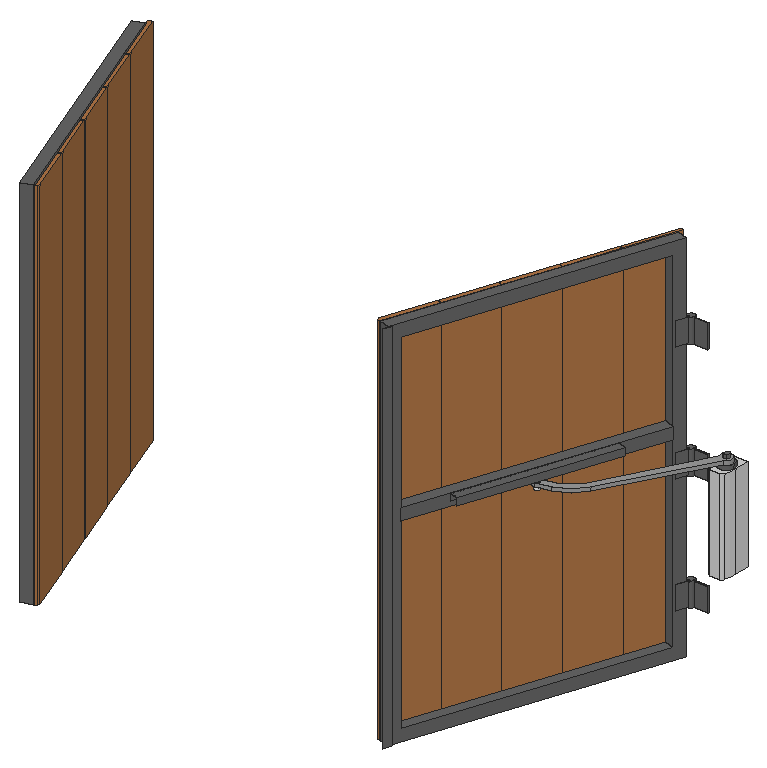
Revit family "2014-ES_Puerta-Batiente-Automatica-2-Hojas_AEPA_XXx", category Puertas, Revit 2014
Parameters
  a_brazo [instance] = 645.868 mm  # constant formula
  b [instance] = 209.492 mm  # constant formula
  Uniclass 2.0 Descripción = "Automatic gate opening devices"  # constant formula
  Uniclass 2.0 Código = "75-30-26-05"  # constant formula
  URL = "http://www.aepa.ws/web/index.php"
  UNSPSC Código = "30171510"  # constant formula
  UNSPSC Categoría = "Automatic doors"  # constant formula
  Omniclass Título = "Rotation, Pivoting Door Gear"  # constant formula
  Omniclass Código = "23-17 19 11 11"  # constant formula
  Modelo = "Generico AEPA"  # constant formula
  Material Piezas moviles = Gomas blancas - Puerta Generica- AEPA
  Material cubierta Mecanismo = Plastico Solido- Puerta Generica- AEPA
  Material Lamas de acabado = Panel Madera Roble acabado - Puerta Generica AEPA
  Material Estructura y Bisagras = Acero - Puerta Generica - AEPA
  Material Brazos = Acero sin pintar - Puerta Generaica AEPA
  Masterformat Descripción = "Automatic Door Operators"  # constant formula
  Masterformat Código = "08 71 13"  # constant formula
  Lama ACABADO = Anchura bisagra a centro / 5  # 235.000 mm
  IFC Clasificación = ""
  Grosor = 70.000 mm
  Gamma [instance] = 180.000° - Alpha - Beta  # 68.408°
  Función = Interior
  Fecha de Caducidad de Información = "01/01/2016"  # constant formula
  Fecha Revisión de Contenido = "29/12/2014"  # constant formula
  Fabricante - ROLLTORE PORTIS = "http://www.portis.es/"
  Fabricante - PUERTAS BAHÍA = "http://www.puertasbahia.com/"
  Fabricante - CONTROLSA = "http://www.controlsa.com"
  Desfase interior [instance] = 150.000 mm
  Desfase exterior = 0.000 mm
  Descripción = "Puerta Bateinte Automatica"  # constant formula
  Delta [instance] = 17.313°  # constant formula
  Creado por = "Bimetica Parametric Design Services S.L."  # constant formula
  Colección = "Biblioteca BIM AEPA"  # constant formula
  COBie Categoría = ""
  Bimetica = "http://www.bimetica.com"
  Beta [instance] = asin((sin(Alpha) * b) / a_brazo)  # 18.905°
  Asociación - AEPA = "http://www.aepa.ws/web/index.php"
  Angulo APERTURA [instance] = 70.000°
  Angulo APERTURA CONTROL [instance] = if(Angulo APERTURA > 135.000°, 135.000°, if(Angulo APERTURA < 0.000°, 0.000°, Angulo APERTURA))  # 70.000°
  Anchura bisagra a centro = (Anchura CONTROL / 2) - 25.000 mm  # 1175.000 mm
  Anchura CONTROL = if(Anchura > 6000.000 mm, 6000.000 mm, if(Anchura < 2400.000 mm, 2400.000 mm, Anchura))  # 2400.000 mm
  Altura CONTROL = if(Altura > 2200.000 mm, 2200.000 mm, if(Altura < 1500.000 mm, 1500.000 mm, Altura))  # 1600.000 mm
  Altura = 1600.000 mm
  Cierre de muro = Por anfitrión
  Anchura = 2400.000 mm
  Alpha [instance] = 180.000° - Angulo APERTURA CONTROL - Delta  # 92.687°
Reference planes
  plane 1: y = 0
  plane 2 "Centro (Izquierda/Derecha)": x = 0
  plane 3 "Izquierda": x = -1200
  plane 4 "Derecha": x = 1200
  plane 5: z = 1600
  plane 6 "Exterior": y = 75
  plane 7 "Interior": y = -75
  plane 8 "Eje bisagra izquierda": x = -1180
  plane 9 "Eje bisagra derecha": x = 1180
  plane 10: x = -1380
  plane 11: y = -137.344
  plane 12: x = 1380
  plane 13 "Plano brazos abatibles": z = 845
  plane 14: y = -70
Forms (mm)
  Sweep 1, solid, material "Acero - Puerta Generica - AEPA" <- "Material Estructura y Bisagras", detail levels medium+fine
    path origin (-1180, -75, 0) x (0.34202, -0.939693, 0) y (0, 0, 1)
      loop
        line (20, 10) -> (1175, 10) -> (1175, 1600) -> (20, 1600) -> (20, 10)
    profile origin (-975.643, -636.466, 10) x (0, 0, 1) y (-0.939693, -0.34202, 0)
      loop
        line (0, 0) -> (0, -50) -> (50, -50) -> (50, 0) -> (0, 0)
  Extrusion 2, solid, material "Acero - Puerta Generica - AEPA" <- "Material Estructura y Bisagras", detail levels medium+fine
    sketch origin (-1180, -75, 0) x (0.34202, -0.939693, 0) y (0, 0, 1)
      loop
        line (70, 900) -> (70, 850) -> (1125, 850) -> (1125, 900) -> (70, 900)
    from -50 to 0
  Sweep 3, solid, material "Acero - Puerta Generica - AEPA" <- "Material Estructura y Bisagras", detail levels medium+fine
    path origin (1180, -75, 0) x (-0.34202, -0.939693, 0) y (0, 0, 1)
      loop
        line (1175, 1600) -> (20, 1600) -> (20, 10) -> (1175, 10) -> (1175, 1600)
    profile origin (975.643, -636.466, 1600) x (0, 0, -1) y (-0.939693, 0.34202, 0)
      loop
        line (50, 50) -> (0, 50) -> (0, 0) -> (50, 0) -> (50, 50)
  Extrusion 4, solid, material "Acero - Puerta Generica - AEPA" <- "Material Estructura y Bisagras", detail levels medium+fine
    sketch origin (1180, -75, 0) x (-0.34202, -0.939693, 0) y (0, 0, 1)
      loop
        line (1125, 850) -> (1125, 900) -> (70, 900) -> (70, 850) -> (1125, 850)
    from 0 to 50
  Extrusion 5, solid, material "Plastico Solido- Puerta Generica- AEPA" <- "Material cubierta Mecanismo", detail levels medium+fine
    sketch origin (271.46, 132.745, 0) x (1, 0, 0) y (0, 1, 0)
      loop
        line (-1671.512, -330.688) -> (-1631.409, -330.688)
        arc (-1631.409, -330.688) -> (-1623.301, -325.861) -> (-1618.487, -317.745) r 19.125
        arc (-1618.487, -317.745) -> (-1613.308, -294.163) -> (-1611.46, -270.089) r 173.063
        line (-1611.46, -270.089) -> (-1611.46, -207.745) -> (-1691.46, -207.745) -> (-1691.46, -270.089)
        arc (-1691.46, -270.089) -> (-1689.613, -294.163) -> (-1684.433, -317.745) r 173.063
        arc (-1684.433, -317.745) -> (-1679.62, -325.861) -> (-1671.512, -330.688) r 19.125
    from 430 to 830
  Extrusion 6, solid, material "Plastico Solido- Puerta Generica- AEPA" <- "Material cubierta Mecanismo", detail levels medium+fine
    sketch origin (-271.46, 132.745, 0) x (-1, 0, 0) y (0, -1, 0)
      loop
        arc (-1671.512, 330.688) -> (-1679.62, 325.861) -> (-1684.433, 317.745) r 19.125
        arc (-1684.433, 317.745) -> (-1689.613, 294.163) -> (-1691.46, 270.089) r 173.063
        line (-1691.46, 270.089) -> (-1691.46, 207.745) -> (-1611.46, 207.745) -> (-1611.46, 270.089)
        arc (-1611.46, 270.089) -> (-1613.308, 294.163) -> (-1618.487, 317.745) r 173.063
        arc (-1618.487, 317.745) -> (-1623.301, 325.861) -> (-1631.409, 330.688) r 19.125
        line (-1631.409, 330.688) -> (-1671.512, 330.688)
    from 430 to 830
  Extrusion 7, solid, material "Acero - Puerta Generica - AEPA" <- "Material Estructura y Bisagras", detail levels medium+fine
    sketch origin (1180, -75, 0) x (0, 0, 1) y (0.939693, -0.34202, 0)
      loop
        line (900, 0) -> (900, 40) -> (870, 40) -> (870, 37) -> (897, 37) -> (897, 3) -> (870, 3) -> (870, 0) -> (900, 0)
    from -930 to -280
  Extrusion 8, solid, material "Acero - Puerta Generica - AEPA" <- "Material Estructura y Bisagras", detail levels medium+fine
    sketch origin (-1180, -75, 0) x (0, 0, 1) y (0.939693, 0.34202, 0)
      loop
        line (900, 0) -> (870, 0) -> (870, -3) -> (897, -3) -> (897, -37) -> (870, -37) -> (870, -40) -> (900, -40) -> (900, 0)
    from -930 to -280
  Extrusion 9, solid, material "Acero sin pintar - Puerta Generaica AEPA" <- "Material Brazos", detail levels medium+fine
    sketch origin (-1380, -137.343, 845) x (0.628032, -0.778188, 0) y (0.778188, 0.628032, 0)
      loop
        arc (21.677, 12.455) -> (-24.627, 4.303) -> (16.169, -19.068) r 25
        line (16.169, -19.068) -> (481.038, -100.294)
        arc (481.038, -100.294) -> (546.332, -96.239) -> (606.643, -70.893) r 195.718
        line (606.643, -70.893) -> (656.578, -31.754)
        arc (656.578, -31.754) -> (657.801, -9.572) -> (635.692, -7.389) r 16.061
        line (635.692, -7.389) -> (587.963, -44.837)
        arc (587.963, -44.837) -> (538.661, -65.169) -> (485.441, -68.579) r 163.718
        line (485.441, -68.579) -> (21.677, 12.455)
      loop
        circle (645.564, -19.98) r 5
      loop
        circle (0, 0) r 8
    from 0 to 15
  Extrusion 10, solid, material "Gomas blancas - Puerta Generica- AEPA" <- "Material Piezas moviles", detail levels medium+fine
    sketch origin (-1380, -137.343, 845) x (0.628032, -0.778188, 0) y (0.778188, 0.628032, 0)
      loop
        circle (645.564, -19.98) r 10
    from -15 to 40
  Extrusion 11, solid, material "Acero sin pintar - Puerta Generaica AEPA" <- "Material Brazos", detail levels medium+fine
    sketch origin (1380, -137.345, 845) x (-0.628039, -0.778182, 0) y (0.778182, -0.628039, 0)
      loop
        line (21.677, -12.455) -> (485.441, 68.579)
        arc (485.441, 68.579) -> (538.661, 65.169) -> (587.963, 44.837) r 163.718
        line (587.963, 44.837) -> (635.692, 7.389)
        arc (635.692, 7.389) -> (657.801, 9.572) -> (656.578, 31.754) r 16.061
        line (656.578, 31.754) -> (606.643, 70.893)
        arc (606.643, 70.893) -> (546.332, 96.239) -> (481.038, 100.294) r 195.718
        line (481.038, 100.294) -> (16.169, 19.068)
        arc (16.169, 19.068) -> (-24.627, -4.303) -> (21.677, -12.455) r 25
      loop
        circle (645.564, 19.98) r 5
      loop
        circle (0, 0) r 8
    from 0 to 15
  Extrusion 12, solid, material "Gomas blancas - Puerta Generica- AEPA" <- "Material Piezas moviles", detail levels medium+fine
    sketch origin (1380, -137.345, 845) x (-0.628039, -0.778182, 0) y (0.778182, -0.628039, 0)
      loop
        circle (645.564, 19.98) r 10
    from -15 to 40
  Extrusion 13, solid, material "Acero - Puerta Generica - AEPA" <- "Material Estructura y Bisagras", detail levels medium+fine
    sketch origin (0, 0, 0) x (1, 0, 0) y (0, 1, 0)
      loop
        circle (-1380, -137.344) r 33
    from 830 to 845
  Extrusion 14, solid, material "Acero - Puerta Generica - AEPA" <- "Material Estructura y Bisagras", detail levels medium+fine
    sketch origin (0, 0, 0) x (1, 0, 0) y (0, 1, 0)
      loop
        circle (1380, -137.344) r 33
    from 830 to 845
  Extrusion 15, solid, material "Acero - Puerta Generica - AEPA" <- "Material Estructura y Bisagras", detail levels medium+fine
    sketch origin (-1380, -137.343, 845) x (0.628032, -0.778188, 0) y (0.778188, 0.628032, 0)
      loop
        line (9.12, -7.8) -> (11.314, 3.998) -> (2.195, 11.798) -> (-9.12, 7.8) -> (-11.314, -3.998) -> (-2.195, -11.798) -> (9.12, -7.8)
    from 15 to 30
  Extrusion 16, solid, material "Acero - Puerta Generica - AEPA" <- "Material Estructura y Bisagras", detail levels medium+fine
    sketch origin (1380, -137.345, 845) x (-0.628039, -0.778182, 0) y (0.778182, -0.628039, 0)
      loop
        line (-9.265, 7.627) -> (-11.237, -4.21) -> (-1.972, -11.837) -> (9.265, -7.627) -> (11.237, 4.21) -> (1.972, 11.837) -> (-9.265, 7.627)
    from 15 to 30
  Extrusion 17, solid, material "Acero - Puerta Generica - AEPA" <- "Material Estructura y Bisagras", detail levels medium+fine
    sketch origin (0, -75, 0) x (1, 0, 0) y (0, 0, 1)
      loop
        line (-1190, 200) -> (-1190, 300) -> (-1255, 300) -> (-1255, 200) -> (-1190, 200)
      loop
        line (-1190, 700) -> (-1190, 800) -> (-1255, 800) -> (-1255, 700) -> (-1190, 700)
      loop
        line (-1190, 1200) -> (-1190, 1300) -> (-1255, 1300) -> (-1255, 1200) -> (-1190, 1200)
      loop
        line (1190, 200) -> (1255, 200) -> (1255, 300) -> (1190, 300) -> (1190, 200)
      loop
        line (1190, 700) -> (1255, 700) -> (1255, 800) -> (1190, 800) -> (1190, 700)
      loop
        line (1190, 1200) -> (1255, 1200) -> (1255, 1300) -> (1190, 1300) -> (1190, 1200)
    from 0 to 5
  Extrusion 18, solid, material "Acero - Puerta Generica - AEPA" <- "Material Estructura y Bisagras", detail levels medium+fine
    sketch origin (-1180, -75, 0) x (0.34202, -0.939693, 0) y (0, 0, 1)
      loop
        line (60, 300) -> (10, 300) -> (10, 200) -> (60, 200) -> (60, 300)
      loop
        line (60, 800) -> (10, 800) -> (10, 700) -> (60, 700) -> (60, 800)
      loop
        line (60, 1300) -> (10, 1300) -> (10, 1200) -> (60, 1200) -> (60, 1300)
    from 0 to 5
  Extrusion 19, solid, material "Acero - Puerta Generica - AEPA" <- "Material Estructura y Bisagras", detail levels medium+fine
    sketch origin (1180, -75, 0) x (-0.34202, -0.939693, 0) y (0, 0, 1)
      loop
        line (60, 200) -> (60, 300) -> (10, 300) -> (10, 200) -> (60, 200)
      loop
        line (60, 700) -> (60, 800) -> (10, 800) -> (10, 700) -> (60, 700)
      loop
        line (60, 1200) -> (60, 1300) -> (10, 1300) -> (10, 1200) -> (60, 1200)
    from 0 to -5
  Extrusion 20, solid, material "Acero - Puerta Generica - AEPA" <- "Material Estructura y Bisagras", detail levels medium+fine
    sketch origin (1180, -75, 0) x (-0.34202, -0.939693, 0) y (0, 0, 1)
      loop
        line (1160, 1600) -> (1160, 10) -> (1195, 10) -> (1195, 1600) -> (1160, 1600)
    from 0 to -5
  Extrusion 21, solid, material "Acero - Puerta Generica - AEPA" <- "Material Estructura y Bisagras", detail levels medium+fine
    sketch origin (0, 0, 0) x (1, 0, 0) y (0, 1, 0)
      loop
        circle (-1180, -75) r 15
      loop
        circle (1180, -75) r 15
    from 200 to 300
  Extrusion 22, solid, material "Acero - Puerta Generica - AEPA" <- "Material Estructura y Bisagras", detail levels medium+fine
    sketch origin (0, 0, 0) x (1, 0, 0) y (0, 1, 0)
      loop
        circle (1180, -75) r 15
      loop
        circle (-1180, -75) r 15
    from 700 to 800
  Extrusion 23, solid, material "Acero - Puerta Generica - AEPA" <- "Material Estructura y Bisagras", detail levels medium+fine
    sketch origin (0, 0, 0) x (1, 0, 0) y (0, 1, 0)
      loop
        circle (1180, -75) r 15
      loop
        circle (-1180, -75) r 15
    from 1200 to 1300
  Extrusion 24, solid, material "Panel Madera Roble acabado - Puerta Generica AEPA" <- "Material Lamas de acabado", detail levels fine
    sketch origin (-1180, -75, 0) x (0.34202, -0.939693, 0) y (0.939693, 0.34202, 0)
      loop
        line (0, 50) -> (235, 50) -> (235, 60.657) -> (227.929, 67.728) -> (7.071, 67.728) -> (0, 60.657) -> (0, 50)
    from 10 to 1600 <- "Altura CONTROL"
  Extrusion 25, solid, material "Panel Madera Roble acabado - Puerta Generica AEPA" <- "Material Lamas de acabado", detail levels fine
    sketch origin (-1180, -75, 0) x (0.34202, -0.939693, 0) y (0.939693, 0.34202, 0)
      loop
        line (235, 50) -> (470, 50) -> (470, 60.657) -> (462.929, 67.728) -> (242.071, 67.728) -> (235, 60.657) -> (235, 50)
    from 10 to 1600 <- "Altura CONTROL"
  Extrusion 26, solid, material "Panel Madera Roble acabado - Puerta Generica AEPA" <- "Material Lamas de acabado", detail levels fine
    sketch origin (-1180, -75, 0) x (0.34202, -0.939693, 0) y (0.939693, 0.34202, 0)
      loop
        line (470, 50) -> (705, 50) -> (705, 60.657) -> (697.929, 67.728) -> (477.071, 67.728) -> (470, 60.657) -> (470, 50)
    from 10 to 1600 <- "Altura CONTROL"
  Extrusion 27, solid, material "Panel Madera Roble acabado - Puerta Generica AEPA" <- "Material Lamas de acabado", detail levels fine
    sketch origin (-1180, -75, 0) x (0.34202, -0.939693, 0) y (0.939693, 0.34202, 0)
      loop
        line (940, 50) -> (1175, 50) -> (1175, 60.657) -> (1167.929, 67.728) -> (947.071, 67.728) -> (940, 60.657) -> (940, 50)
    from 10 to 1600 <- "Altura CONTROL"
  Extrusion 28, solid, material "Panel Madera Roble acabado - Puerta Generica AEPA" <- "Material Lamas de acabado", detail levels fine
    sketch origin (-1180, -75, 0) x (0.34202, -0.939693, 0) y (0.939693, 0.34202, 0)
      loop
        line (705, 50) -> (940, 50) -> (940, 60.657) -> (932.929, 67.728) -> (712.071, 67.728) -> (705, 60.657) -> (705, 50)
    from 10 to 1600 <- "Altura CONTROL"
  Extrusion 29, solid, material "Panel Madera Roble acabado - Puerta Generica AEPA" <- "Material Lamas de acabado", detail levels fine
    sketch origin (1335.619, 352.56, 0) x (-0.34202, -0.939693, 0) y (0.939693, -0.34202, 0)
      loop
        line (1630, -50) -> (1395, -50) -> (1395, -60.657) -> (1402.071, -67.728) -> (1622.929, -67.728) -> (1630, -60.657) -> (1630, -50)
    from 10 to 1600 <- "Altura CONTROL"
  Extrusion 30, solid, material "Panel Madera Roble acabado - Puerta Generica AEPA" <- "Material Lamas de acabado", detail levels fine
    sketch origin (1180, -75, 0) x (-0.34202, -0.939693, 0) y (0.939693, -0.34202, 0)
      loop
        line (940, -50) -> (705, -50) -> (705, -60.657) -> (712.071, -67.728) -> (932.929, -67.728) -> (940, -60.657) -> (940, -50)
    from 10 to 1600 <- "Altura CONTROL"
  Extrusion 31, solid, material "Panel Madera Roble acabado - Puerta Generica AEPA" <- "Material Lamas de acabado", detail levels fine
    sketch origin (1180, -75, 0) x (-0.34202, -0.939693, 0) y (0.939693, -0.34202, 0)
      loop
        line (705, -50) -> (470, -50) -> (470, -60.657) -> (477.071, -67.728) -> (697.929, -67.728) -> (705, -60.657) -> (705, -50)
    from 10 to 1600 <- "Altura CONTROL"
  Extrusion 32, solid, material "Panel Madera Roble acabado - Puerta Generica AEPA" <- "Material Lamas de acabado", detail levels fine
    sketch origin (1180, -75, 0) x (-0.34202, -0.939693, 0) y (0.939693, -0.34202, 0)
      loop
        line (470, -50) -> (235, -50) -> (235, -60.657) -> (242.071, -67.728) -> (462.929, -67.728) -> (470, -60.657) -> (470, -50)
    from 10 to 1600 <- "Altura CONTROL"
  Extrusion 33, solid, material "Panel Madera Roble acabado - Puerta Generica AEPA" <- "Material Lamas de acabado", detail levels fine
    sketch origin (1180, -75, 0) x (-0.34202, -0.939693, 0) y (0.939693, -0.34202, 0)
      loop
        line (235, -50) -> (0, -50) -> (0, -60.657) -> (7.071, -67.728) -> (227.929, -67.728) -> (235, -60.657) -> (235, -50)
    from 10 to 1600 <- "Altura CONTROL"
  Extrusion 34, solid, material "Panel Madera Roble acabado - Puerta Generica AEPA" <- "Material Lamas de acabado", detail levels coarse+medium
    sketch origin (-1180, -75, 0) x (0.34202, -0.939693, 0) y (0.939693, 0.34202, 0)
      loop
        line (0, 50) -> (1175, 50) -> (1175, 67.841) -> (0, 67.841) -> (0, 50)
    from 0 to 1600 <- "Altura CONTROL"
  Extrusion 35, solid, material "Panel Madera Roble acabado - Puerta Generica AEPA" <- "Material Lamas de acabado", detail levels coarse+medium
    sketch origin (1180, -75, 0) x (-0.34202, -0.939693, 0) y (0.939693, -0.34202, 0)
      loop
        line (1175, -50) -> (0, -50) -> (0, -67.728) -> (1175, -67.728) -> (1175, -50)
    from 0 to 1600 <- "Altura CONTROL"
Lines and regions (mm)
  Opening 1
    outline origin (-5000, -75, 0) x (1, 0, 0) y (0, 0, 1)
      loop
        line (3800, 0) -> (6200, 0) -> (6200, 1600) -> (3800, 1600) -> (3800, 0)
  reference lines
    curve 1: line (-1180, -75, 0) -> (-778.126, -1179.139, 0)
    curve 2: line (1180, -75, 0) -> (778.126, -1179.139, 0)
    curve 3: line (-1380, -137.343, 845) -> (-974.375, -639.95, 845)
    curve 4: line (-1380, -137.343, 845) -> (-1179.999, -75, 845)
    curve 5: line (1380, -137.345, 845) -> (974.37, -639.948, 845)
    curve 6: line (1380, -137.345, 845) -> (1180, -75, 845)
  symbolic lines, style "DoorsHiddenLines"
    curve 7: line (-1173.16, -93.794, 0) -> (-1109.652, -70.679, 0)
    curve 8: line (-1109.652, -70.679, 0) -> (-716.187, -1151.714, 0)
    curve 9: line (-716.187, -1151.714, 0) -> (-779.695, -1174.829, 0)
    curve 10: line (-779.695, -1174.829, 0) -> (-1173.16, -93.794, 0)
    curve 11: line (1173.16, -93.794, 0) -> (1109.503, -70.625, 0)
    curve 12: line (1109.503, -70.625, 0) -> (714.476, -1155.952, 0)
    curve 13: line (714.476, -1155.952, 0) -> (778.133, -1179.121, 0)
    curve 14: line (778.133, -1179.121, 0) -> (1173.16, -93.794, 0)
    curve 15: arc (777.464, -1180.958, 0) -> (214.503, -748.003, 0) -> (3.11, -70, 0) r 1176.954
    curve 16: arc (-777.412, -1180.958, 0) -> (-214.45, -748.003, 0) -> (-3.057, -70, 0) r 1176.954
Text (mm)
  text "Exterior" at (-2295.016, 1771.601, 0), in view "Nivel de referencia"
  text "Exterior" at (0, 1615.38, 3698.081), in view "Izquierda"
  text "Exterior" at (0, 1036.032, 3874.932), in view "Derecha"
Dimensions and locks
  equal spacing: plane 3 "Izquierda", plane 2 "Centro (Izquierda/Derecha)", plane 4 "Derecha"
  "Anchura CONTROL": plane 3 "Izquierda" to plane 4 "Derecha"
  "Altura CONTROL": plane 5 to host wall
  host wall to plane 5 = 1600.000 mm  (x2)
  host wall to plane 6 "Exterior" = 0.000 mm
  host wall to plane 7 "Interior" = 0.000 mm
  locked: plane 3 "Izquierda" to plane 8 "Eje bisagra izquierda" at 20
  locked: plane 9 "Eje bisagra derecha" to plane 4 "Derecha" at 20
  locked: Sweep 1 sketch curve to curve 1 at 10
  locked: curve 1 to Sweep 1 sketch curve at 20
  locked: Extrusion 2 sketch curve to curve 1 at 70
  Extrusion 2 sketch curve to Extrusion 2 sketch curve to curve 1 = 50.000 mm locked, 850.000 mm locked
  "Anchura bisagra a centro": curve 1 to curve 1
  locked: Sweep 3 sketch curve to curve 2 at 20
  locked: Sweep 3 sketch curve to curve 2 at 10
  locked: Sweep 3 sketch curve to Sweep 3 sketch curve at 50  (x2)
  locked: curve 2 to Extrusion 4 sketch curve at 70
  locked: curve 2 to Extrusion 4 sketch curve at 50
  Extrusion 4 sketch curve to Extrusion 4 sketch curve to curve 2 = 50.000 mm locked, 850.000 mm locked
  Extrusion 5 sketch curve to Extrusion 5 sketch curve to Extrusion 5 sketch curve to Extrusion 5 sketch curve to Extrusion 5 sketch curve to Extrusion 5 sketch curve to Extrusion 5 sketch curve to plane 3 "Izquierda" = 0.000 mm locked, 7.027 mm locked, 12.922 mm locked, 40.103 mm locked, 12.922 mm locked, 7.027 mm locked, 140.000 mm locked
  Extrusion 5 sketch curve to Extrusion 5 sketch curve to Extrusion 5 sketch curve to plane 7 "Interior" = 12.943 mm locked, 47.656 mm locked, 62.344 mm locked
  plane 4 "Derecha" to Extrusion 6 sketch curve to Extrusion 6 sketch curve to Extrusion 6 sketch curve to Extrusion 6 sketch curve to Extrusion 6 sketch curve to Extrusion 6 sketch curve = 140.000 mm locked, 7.027 mm locked, 12.922 mm locked, 40.103 mm locked, 12.922 mm locked, 7.027 mm locked
  Extrusion 6 sketch curve to Extrusion 6 sketch curve to Extrusion 6 sketch curve to plane 7 "Interior" = 12.943 mm locked, 47.656 mm locked, 62.344 mm locked
  "Anchura bisagra a centro": curve 2 to curve 2
  locked: Extrusion 2 sketch curve to curve 1 at 50
  curve 2 to Extrusion 7 sketch curve to Extrusion 7 sketch curve to Extrusion 7 sketch curve = 3.000 mm locked, 34.000 mm locked, 3.000 mm locked
  Extrusion 7 sketch curve to Extrusion 7 sketch curve to Extrusion 7 sketch curve to curve 2 = 3.000 mm locked, 27.000 mm locked, 870.000 mm locked
  locked: plane 4 "Derecha" to plane 12 at 180
  locked: plane 10 to plane 3 "Izquierda" at 180
  Extrusion 8 sketch curve to Extrusion 8 sketch curve to Extrusion 8 sketch curve to curve 1 = 3.000 mm locked, 34.000 mm locked, 3.000 mm locked
  curve 1 to Extrusion 8 sketch curve to Extrusion 8 sketch curve to Extrusion 8 sketch curve = 870.000 mm locked, 27.000 mm locked, 3.000 mm locked
  curve 3 to Extrusion 9 sketch curve to Extrusion 9 sketch curve to Extrusion 9 sketch curve to Extrusion 9 sketch curve to Extrusion 9 sketch curve to Extrusion 9 sketch curve to Extrusion 9 sketch curve = 25.000 mm locked, 342.126 mm locked, 19.618 mm locked, 100.721 mm locked, 3.216 mm locked, 56.826 mm locked, 5.971 mm locked
  curve 3 to Extrusion 9 sketch curve to Extrusion 9 sketch curve to Extrusion 9 sketch curve to Extrusion 9 sketch curve to Extrusion 9 sketch curve to Extrusion 9 sketch curve to Extrusion 9 sketch curve = 17.071 mm locked, 468.250 mm locked, 2.866 mm locked, 101.255 mm locked, 19.917 mm locked, 25.948 mm locked, 22.039 mm locked
  locked: curve 3 to Extrusion 9 sketch curve at 19.982
  locked: Extrusion 9 sketch curve to Extrusion 9 sketch curve at 16.123
  "b": curve 4 to curve 4
  locked: curve 4 to Extrusion 10 sketch curve at 645.873
  curve 5 to Extrusion 11 sketch curve to Extrusion 11 sketch curve to Extrusion 11 sketch curve to Extrusion 11 sketch curve to Extrusion 11 sketch curve to Extrusion 11 sketch curve to Extrusion 11 sketch curve = 12.590 mm, 442.484 mm, 11.983 mm, 65.082 mm, 22.729 mm, 6.449 mm, 23.799 mm
  curve 5 to Extrusion 11 sketch curve to Extrusion 11 sketch curve to Extrusion 11 sketch curve to Extrusion 11 sketch curve to Extrusion 11 sketch curve to Extrusion 11 sketch curve to Extrusion 11 sketch curve = 15.229 mm, 460.403 mm, 5.930 mm, 103.549 mm, 17.399 mm, 32.084 mm, 19.684 mm
  locked: curve 5 to Extrusion 11 sketch curve at 19.982
  locked: Extrusion 11 sketch curve to Extrusion 11 sketch curve at 16.123
  "b": curve 6 to curve 6
  locked: curve 6 to Extrusion 12 sketch curve at 645.873
  locked: Extrusion 7 to Extrusion 7 at 650
  locked: Extrusion 8 to Extrusion 8 at 650
  Extrusion 15 sketch curve to curve 4 to Extrusion 15 sketch curve to Extrusion 15 sketch curve = 6.000 mm locked, 6.000 mm locked, 6.000 mm locked  (x2)
  Extrusion 16 sketch curve to curve 6 to Extrusion 16 sketch curve to Extrusion 16 sketch curve = 6.000 mm locked, 6.000 mm locked, 6.000 mm locked  (x2)
  Extrusion 17 sketch curve to Extrusion 17 sketch curve to Extrusion 17 sketch curve to Extrusion 17 sketch curve to Extrusion 17 sketch curve to Extrusion 17 sketch curve to level = 100.000 mm locked, 400.000 mm locked, 100.000 mm locked, 400.000 mm locked, 100.000 mm locked, 200.000 mm locked  (x2)
  locked: plane 3 "Izquierda" to Extrusion 17 sketch curve at 10
  locked: Extrusion 17 sketch curve to plane 3 "Izquierda" at 55
  locked: Extrusion 17 sketch curve to plane 4 "Derecha" at 10
  locked: plane 4 "Derecha" to Extrusion 17 sketch curve at 55
  Extrusion 18 sketch curve to Extrusion 18 sketch curve to Extrusion 18 sketch curve to Extrusion 18 sketch curve to Extrusion 18 sketch curve to Extrusion 18 sketch curve to curve 1 = 100.000 mm locked, 400.000 mm locked, 100.000 mm locked, 400.000 mm locked, 100.000 mm locked, 200.000 mm locked
  curve 1 to Extrusion 18 sketch curve to Extrusion 18 sketch curve = 10.000 mm locked, 50.000 mm locked
  Extrusion 19 sketch curve to Extrusion 19 sketch curve to Extrusion 19 sketch curve to Extrusion 19 sketch curve to Extrusion 19 sketch curve to Extrusion 19 sketch curve to curve 2 = 100.000 mm locked, 400.000 mm locked, 100.000 mm locked, 400.000 mm locked, 100.000 mm locked, 200.000 mm locked
  curve 2 to Extrusion 19 sketch curve to Extrusion 19 sketch curve = 10.000 mm locked, 50.000 mm locked
  locked: Extrusion 20 sketch curve to curve 2 at 10
  locked: Extrusion 20 sketch curve to curve 2 at 20
  locked: Extrusion 20 sketch curve to curve 2 at 15
  locked: plane 7 "Interior" to plane 11 at 62.344
  "Desfase exterior": host wall to plane 6 "Exterior"
  "Desfase interior": plane 7 "Interior" to plane 6 "Exterior"
  "Lama ACABADO": Extrusion 24 sketch curve to Extrusion 24 sketch curve
  curve 1 to Extrusion 24 sketch curve to Extrusion 24 sketch curve to Extrusion 24 sketch curve = 50.000 mm locked, 10.657 mm locked, 7.071 mm locked
  "Lama ACABADO": Extrusion 24 to Extrusion 25 sketch curve
  curve 1 to Extrusion 25 sketch curve to Extrusion 25 sketch curve to Extrusion 25 sketch curve = 50.000 mm locked, 10.657 mm locked, 7.071 mm locked
  locked: Extrusion 24 to Extrusion 25 sketch curve at 7.071
  locked: Extrusion 25 sketch curve to Extrusion 25 sketch curve at 7.071
  "Lama ACABADO": Extrusion 25 to Extrusion 26 sketch curve
  locked: Extrusion 25 to Extrusion 26 sketch curve at 7.071
  locked: Extrusion 26 sketch curve to Extrusion 26 sketch curve at 7.071
  curve 1 to Extrusion 26 sketch curve to Extrusion 26 sketch curve to Extrusion 26 sketch curve = 50.000 mm locked, 10.657 mm locked, 7.071 mm locked
  "Lama ACABADO": Extrusion 27 sketch curve to Extrusion 27 sketch curve
  locked: Extrusion 27 sketch curve to Extrusion 27 sketch curve at 7.071  (x2)
  curve 1 to Extrusion 27 sketch curve to Extrusion 27 sketch curve to Extrusion 27 sketch curve = 50.000 mm locked, 10.657 mm locked, 7.071 mm locked
  "Lama ACABADO": Extrusion 28 sketch curve to Extrusion 28 sketch curve
  locked: Extrusion 28 sketch curve to Extrusion 28 sketch curve at 7.071  (x2)
  curve 1 to Extrusion 28 sketch curve to Extrusion 28 sketch curve to Extrusion 28 sketch curve = 50.000 mm locked, 10.657 mm locked, 7.071 mm locked
  "Lama ACABADO": Extrusion 29 sketch curve to Extrusion 29 sketch curve
  locked: Extrusion 29 sketch curve to Extrusion 29 sketch curve at 7.071  (x2)
  Extrusion 29 sketch curve to Extrusion 29 sketch curve to Extrusion 29 sketch curve to curve 2 = 7.071 mm locked, 10.657 mm locked, 50.000 mm locked
  "Lama ACABADO": Extrusion 30 sketch curve to Extrusion 30 sketch curve
  locked: Extrusion 30 sketch curve to Extrusion 30 sketch curve at 7.071  (x2)
  Extrusion 30 sketch curve to Extrusion 30 sketch curve to Extrusion 30 sketch curve to curve 2 = 7.071 mm locked, 10.657 mm locked, 50.000 mm locked
  "Lama ACABADO": Extrusion 30 to Extrusion 31 sketch curve
  locked: Extrusion 31 sketch curve to Extrusion 31 sketch curve at 7.071  (x2)
  Extrusion 31 sketch curve to Extrusion 31 sketch curve to Extrusion 31 sketch curve to curve 2 = 7.071 mm locked, 10.657 mm locked, 50.000 mm locked
  "Lama ACABADO": Extrusion 32 sketch curve to Extrusion 32 sketch curve
  locked: Extrusion 32 sketch curve to Extrusion 32 sketch curve at 7.071  (x2)
  Extrusion 32 sketch curve to Extrusion 32 sketch curve to Extrusion 32 sketch curve to curve 2 = 7.071 mm locked, 10.657 mm locked, 50.000 mm locked
  "Lama ACABADO": Extrusion 33 sketch curve to Extrusion 33 sketch curve
  locked: Extrusion 33 sketch curve to Extrusion 33 sketch curve at 7.071  (x2)
  Extrusion 33 sketch curve to Extrusion 33 sketch curve to Extrusion 33 sketch curve to curve 2 = 7.071 mm locked, 10.657 mm locked, 50.000 mm locked
  locked: plane 7 "Interior" to plane 14 at 5
  "Angulo APERTURA CONTROL": angle curve 1 to plane 7 "Interior"
  "Angulo APERTURA CONTROL": angle plane 7 "Interior" to curve 2
  "Alpha": angle curve 4 to curve 1
  angle curve 1 to curve 3 = 18.905°
  "Delta": angle Extrusion 5 to curve 4
  "Gamma": angle curve 3 to curve 4
  "Gamma": angle curve 6 to curve 5
  aligned and locked: plane 1 to host wall
  aligned and locked: plane 8 "Eje bisagra izquierda" to curve 1
  aligned and locked: Extrusion 5 sketch curve to plane 7 "Interior"
  aligned and locked: plane 7 "Interior" to Extrusion 6 sketch curve
  aligned and locked: plane 9 "Eje bisagra derecha" to curve 2
  aligned and locked: plane 7 "Interior" to curve 2
  aligned and locked: plane 7 "Interior" to curve 1
  aligned and locked: curve 1 to Sweep 1 sketch curve
  aligned and locked: curve 2 to Sweep 3 sketch curve
  aligned and locked: Sweep 1 sketch curve to plane 5
  aligned and locked: plane 5 to Sweep 3 sketch curve
  aligned and locked: curve 2 to Extrusion 7 sketch curve
  aligned and locked: curve 1 to Extrusion 8 sketch curve
  aligned and locked: Extrusion 8 sketch curve to Extrusion 8 sketch curve
  aligned and locked: Extrusion 7 sketch curve to Extrusion 7 sketch curve
  aligned and locked: plane 10 to curve 4
  aligned and locked: plane 7 "Interior" to curve 4
  aligned and locked: plane 9 "Eje bisagra derecha" to curve 6
  aligned and locked: plane 7 "Interior" to curve 6
  aligned and locked: plane 12 to curve 6
  aligned and locked: Extrusion 6 to Extrusion 5
  aligned and locked: Extrusion 5 to Extrusion 6
  aligned and locked: plane 13 "Plano brazos abatibles" to Extrusion 13
  aligned and locked: Extrusion 13 to Extrusion 5
  aligned and locked: plane 10 to Extrusion 13 sketch curve
  aligned and locked: plane 11 to Extrusion 13 sketch curve
  aligned and locked: plane 12 to Extrusion 14 sketch curve
  aligned and locked: plane 11 to Extrusion 14 sketch curve
  aligned and locked: plane 13 "Plano brazos abatibles" to Extrusion 14
  aligned and locked: Extrusion 14 to Extrusion 6
  aligned and locked: Extrusion 15 to Extrusion 9
  aligned and locked: Extrusion 16 to Extrusion 11
  aligned and locked: Extrusion 17 sketch curve to Extrusion 17 sketch curve  (x8)
  aligned and locked: Extrusion 18 sketch curve to Extrusion 18 sketch curve  (x4)
  aligned and locked: Extrusion 19 sketch curve to Extrusion 19 sketch curve  (x4)
  aligned and locked: Extrusion 20 sketch curve to plane 5
  aligned and locked: plane 8 "Eje bisagra izquierda" to Extrusion 21 sketch curve
  aligned and locked: plane 7 "Interior" to Extrusion 21 sketch curve  (x2)
  aligned and locked: plane 9 "Eje bisagra derecha" to Extrusion 21 sketch curve
  aligned and locked: plane 8 "Eje bisagra izquierda" to Extrusion 22 sketch curve
  aligned and locked: plane 7 "Interior" to Extrusion 22 sketch curve  (x2)
  aligned and locked: plane 9 "Eje bisagra derecha" to Extrusion 22 sketch curve
  aligned and locked: Extrusion 17 to Extrusion 22  (x2)
  aligned and locked: plane 9 "Eje bisagra derecha" to Extrusion 23 sketch curve
  aligned and locked: plane 7 "Interior" to Extrusion 23 sketch curve  (x2)
  aligned and locked: plane 8 "Eje bisagra izquierda" to Extrusion 23 sketch curve
  aligned and locked: Extrusion 17 to Extrusion 23  (x2)
  aligned and locked: Extrusion 23 to Extrusion 17  (x2)
  aligned and locked: Extrusion 17 to Extrusion 21
  aligned and locked: Extrusion 21 to Extrusion 17
  aligned and locked: Extrusion 22 to Extrusion 17
  aligned and locked: Opening 1 sketch curve to plane 5
  aligned and locked: Opening 1 sketch curve to plane 4 "Derecha"
  aligned and locked: Opening 1 sketch curve to level
  aligned and locked: plane 3 "Izquierda" to Opening 1 sketch curve
  aligned and locked: Extrusion 28 sketch curve to Extrusion 26
  aligned and locked: curve 2 to Extrusion 29 sketch curve
  aligned and locked: Extrusion 30 sketch curve to Extrusion 29
  aligned and locked: Extrusion 31 sketch curve to Extrusion 30
  aligned and locked: Extrusion 32 sketch curve to Extrusion 31
  aligned and locked: Extrusion 33 sketch curve to Extrusion 32
  aligned and locked: Extrusion 34 sketch curve to Extrusion 24  (x2)
  aligned and locked: curve 1 to Extrusion 34 sketch curve
  aligned and locked: Extrusion 35 sketch curve to Extrusion 33  (x3)
  aligned and locked: Extrusion 35 sketch curve to Extrusion 29
  aligned and locked: curve 7 to Sweep 1
  aligned and locked: curve 10 to curve 1
  aligned and locked: curve 11 to Sweep 3
  aligned and locked: Sweep 3 to curve 14
  aligned and locked: plane 7 "Interior" to curve 15
  aligned and locked: plane 14 to curve 15
  aligned and locked: plane 8 "Eje bisagra izquierda" to curve 16
  aligned and locked: plane 7 "Interior" to curve 16
  aligned and locked: plane 14 to curve 16
Automatic sketch dimensions
  profile plane to Sweep 1 sketch curve = 0.000 mm
  Sweep 1 sketch curve to profile plane = 0.000 mm
  Sweep 1 sketch curve to Sweep 1 sketch curve = 50.000 mm
  Sweep 1 sketch curve to profile plane = 50.000 mm
  Sweep 3 sketch curve to profile plane = 0.000 mm  (x2)
  Extrusion 5 sketch curve to plane 11 = 0.000 mm
  plane 11 to Extrusion 5 sketch curve = 1.172 mm  (x2)
  Extrusion 5 sketch curve to Extrusion 5 sketch curve = 93.058 mm
  plane 10 to Extrusion 5 sketch curve = 14.625 mm
  plane 3 "Izquierda" to Extrusion 5 sketch curve = 46.942 mm
  Extrusion 6 sketch curve to plane 11 = 0.000 mm
  Extrusion 6 sketch curve to plane 11 = 1.172 mm  (x2)
  Extrusion 6 sketch curve to Extrusion 6 sketch curve = 93.058 mm
  plane 12 to Extrusion 6 sketch curve = 14.625 mm
  Extrusion 6 sketch curve to plane 12 = 14.625 mm
  Extrusion 9 sketch curve to Extrusion 9 sketch curve = 0.000 mm  (x4)
  Extrusion 9 sketch curve to curve 3 = 0.000 mm  (x2)
  Extrusion 9 sketch curve to curve 3 = 12.455 mm
  Extrusion 9 sketch curve to Extrusion 9 sketch curve = 0.042 mm
  Extrusion 11 sketch curve to Extrusion 11 sketch curve = 0.000 mm  (x4)
  Extrusion 11 sketch curve to curve 5 = 0.000 mm  (x2)
  curve 5 to Extrusion 11 sketch curve = 16.169 mm
  Extrusion 11 sketch curve to Extrusion 11 sketch curve = 0.042 mm
  Extrusion 12 sketch curve to curve 5 = 0.304 mm
  curve 3 to Extrusion 15 sketch curve = 3.998 mm
  Extrusion 15 sketch curve to curve 3 = 7.800 mm
  Extrusion 15 sketch curve to curve 3 = 2.195 mm
  curve 3 to Extrusion 15 sketch curve = 2.195 mm
  Extrusion 15 sketch curve to curve 3 = 3.998 mm
  curve 3 to Extrusion 15 sketch curve = 7.800 mm
  curve 5 to Extrusion 16 sketch curve = 4.210 mm
  Extrusion 16 sketch curve to curve 5 = 1.972 mm
  curve 5 to Extrusion 16 sketch curve = 1.972 mm
  curve 5 to Extrusion 16 sketch curve = 7.627 mm
  Extrusion 16 sketch curve to curve 5 = 4.210 mm
  Extrusion 16 sketch curve to curve 5 = 7.627 mm
  Extrusion 10 sketch curve to curve 3 = 0.304 mm
  curve 1 to Extrusion 34 sketch curve = 67.841 mm
  curve 1 to Extrusion 24 sketch curve = 0.000 mm
  curve 1 to Extrusion 24 sketch curve = 7.071 mm
  Extrusion 24 sketch curve to Extrusion 24 sketch curve = 7.071 mm  (x2)
  Extrusion 25 sketch curve to Extrusion 25 sketch curve = 7.071 mm  (x2)
  Extrusion 26 sketch curve to Extrusion 26 sketch curve = 7.071 mm  (x2)
  curve 1 to Extrusion 27 sketch curve = 0.000 mm
  curve 1 to Extrusion 27 sketch curve = 60.657 mm
  Extrusion 28 sketch curve to Extrusion 28 sketch curve = 7.071 mm
  Extrusion 29 sketch curve to Extrusion 29 sketch curve = 7.071 mm
  Extrusion 30 sketch curve to Extrusion 30 sketch curve = 7.071 mm
  Extrusion 31 sketch curve to Extrusion 31 sketch curve = 7.071 mm
  Extrusion 32 sketch curve to Extrusion 32 sketch curve = 7.071 mm
  Extrusion 33 sketch curve to curve 2 = 60.657 mm
  curve 9 to curve 1 = 4.587 mm
  curve 1 to curve 7 = 67.583 mm
  curve 15 to curve 2 = 0.000 mm
  curve 15 to curve 2 = 0.018 mm
  curve 13 to curve 2 = 0.018 mm
  curve 12 to curve 2 = 67.742 mm
  curve 16 to curve 1 = 0.050 mm
  curve 1 to curve 16 = 1.954 mm
  radius of Extrusion 9 sketch curve = 5.000 mm
  radius of Extrusion 9 sketch curve = 8.000 mm
  radius of Extrusion 11 sketch curve = 5.000 mm
  radius of Extrusion 11 sketch curve = 8.000 mm
  radius of Extrusion 12 sketch curve = 10.000 mm
  radius of Extrusion 10 sketch curve = 10.000 mm
  radius of Extrusion 13 sketch curve = 33.000 mm
  radius of Extrusion 14 sketch curve = 33.000 mm
  radius of Extrusion 21 sketch curve = 15.000 mm  (x2)
  radius of Extrusion 22 sketch curve = 15.000 mm  (x2)
  radius of Extrusion 23 sketch curve = 15.000 mm  (x2)
